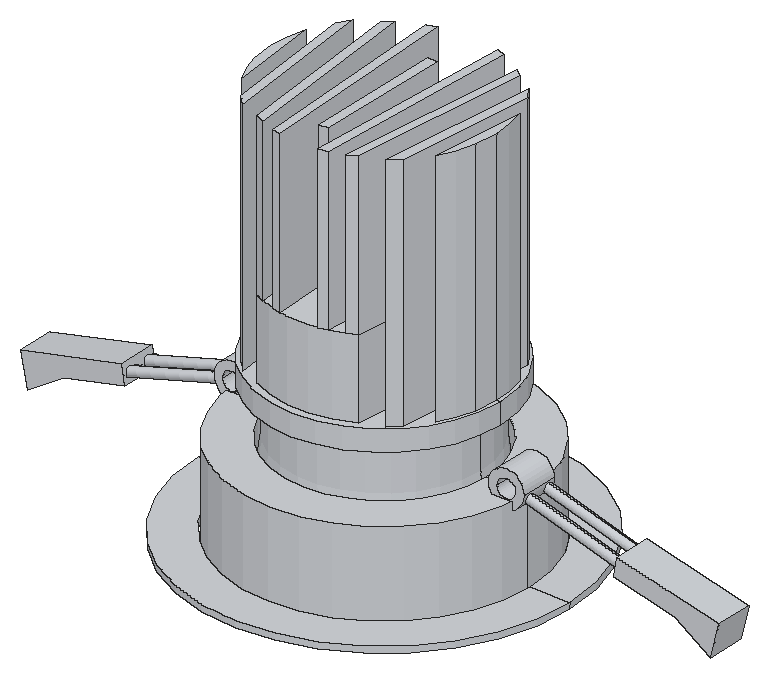
Revit family "Alcon-14119-R-ADJ-Revit-Family", category Lighting Fixtures, host Ceiling, Revit 2021
Family settings
  Host = Ceiling
  Round Connector Dimension = Use Diameter
  Part Type = Normal
  OmniClass Number = 23.80.70.11
  OmniClass Title = Luminaries for Internal Lighting
  Always vertical = Yes
  Cut with Voids When Loaded = No
  Light Source = Yes
  Shared = No
  Room Calculation Point = No
Parameters (values of type "Type 1")
  Wattage = 9.2903 W
  built-in parameter 1150110 = 1 (stored number, unit not read)
  built-in parameter 1114217 = 1 (stored number, unit not read)
  Tilt Angle = 60.00°
  built-in parameter 1150109 = 1 (stored number, unit not read)
  built-in parameter 1150134 = (empty or 0)
  built-in parameter 1150113 = 1 (stored number, unit not read)
  built-in parameter 1010507 = 1.5708 (stored number, unit not read)
  built-in parameter 1010506 = 0.5236 (stored number, unit not read)
  Product Identity = "Alcon Lighting 14119-R-ADJ"
  Metal = none
  Manufacturer = "Alcon Light"
  Lumens = 1380 lm
  built-in parameter 1150115 = 1 (stored number, unit not read)
  built-in parameter 1150105 = 4614.1 (stored number, unit not read)
  Link To Product Page = "https://www.alconlighting.com/14119-r-adj.html"
  LightSource = none
  Light Source Symbol Length = 10' - 0"
  built-in parameter 1150137 = (empty or 0)
  built-in parameter 1150139 = (empty or 0)
  Lens = none
  built-in parameter 1150112 = 1 (stored number, unit not read)
  built-in parameter 1150114 = 1 (stored number, unit not read)
  built-in parameter 1150132 = 2
  built-in parameter 1150102 = (empty or 0)
  built-in parameter 1150138 = (empty or 0)
  built-in parameter 1150107 = 3000 (stored number, unit not read)
  built-in parameter 1150106 = 46.141 (stored number, unit not read)
  Housing = none
  built-in parameter 1150104 = 13.8 (stored number, unit not read)
  Dimming Lamp Color Temperature Shift = <None>
  Default Elevation = 0' - 0"
  Color Filter = 16777215
  built-in parameter 1114218 = 1 (stored number, unit not read)
  built-in parameter 1150133 = 10 (stored number, unit not read)
Reference planes (in)
  plane 1 "Light Source Axis (F/B)": y = 0
  plane 2: z = 0
  plane 3 "Light Source Axis (L/R)": x = 0
  plane 4 "Ceiling": z = 157.73031
  plane 5 "Light Source Elevation": z = 157.10531
Forms (in)
  Extrusion 1, void
    sketch origin (0, 0, 157.73031) x (0, 1, 0) y (-1, 0, 0)
      loop
        circle (0, 0) r 1.675
    from -0.44379 to 0.09897
  Revolve 2, solid, material <- "LightSource"
    sketch origin (0, 0, -6.15688) x (1, 0, 0) y (0, 0, 1)
      loop
        line (0, 165.09791) -> (0, 165.21021) -> (-0.29753, 165.21021) -> (-0.29753, 165.09791) -> (0, 165.09791)
      axis (0, 165.09791) -> (0, 165.21021)
    angle from 0 to 360
  Revolve 3, solid, material <- "Housing"
    sketch origin (-40.7589, 0, 309.32064) x (0.965926, 0, 0.258819) y (-0.258819, 0, 0.965926)
      loop
        line (-1.49677, -156.59464) -> (-1.15007, -156.68754) -> (-1.13561, -156.63357) -> (-1.48231, -156.54067) -> (-1.49677, -156.59464)
      loop
        line (-0.92156, -155.91447) -> (-1.13013, -156.69288) -> (-0.69274, -156.49915) -> (-0.5619, -156.01084) -> (-0.92156, -155.91447)
      axis (0.32973, -156.24975) -> (0.12115, -157.02816)
    angle from 0 to 360
  Revolve 4, solid, material <- "Lens"
    sketch origin (0, 0, -4.52585) x (1, 0, 0) y (0, 0, 1)
      loop
        line (0, 162.9184) -> (-0.8419, 162.9184) -> (-0.8419, 162.50063)
        arc (-0.8419, 162.50063) -> (-0.57892, 162.73286) -> (-0.25, 162.85494) r 0.95881
        line (-0.25, 162.85494) -> (0, 162.85494) -> (0, 162.9184)
      axis (0, 162.50063) -> (0, 162.9184)
    angle from 0 to 360
  Revolve 5, solid, material <- "Housing"
    sketch origin (-40.7589, 0, 6.38445) x (0.965926, 0, -0.258819) y (0.258819, 0, 0.965926)
      loop
        line (-0.75602, 156.73528) -> (-0.6776, 156.75629) -> (-0.78573, 157.15983) -> (-0.5692, 157.21785) -> (-0.58761, 157.28656) -> (-0.45472, 157.32217) -> (-0.41988, 157.19216) -> (-0.31979, 157.21898) -> (-0.37558, 157.42718) -> (-0.60856, 157.36475) -> (-0.71116, 157.74764) -> (-0.95236, 157.68301)
        arc (-0.95236, 157.68301) -> (-0.84213, 157.26193) -> (-0.78163, 156.83089) r 3.73506
        line (-0.78163, 156.83089) -> (-0.75602, 156.73528)
      axis (0.13561, 156.97419) -> (-0.11447, 157.90752)
    angle from 0 to 360
  Extrusion 6, solid, material <- "Housing"
    sketch origin (0, 0, 163.14541) x (0, 1, 0) y (1, 0, 0)
      loop
        line (0.54725, -0.04227) -> (0.54725, 0.04227) -> (-0.6794, 0.04227) -> (-0.6794, -0.04227) -> (0.54725, -0.04227)
      loop
        arc (0.90894, -0.35207) -> (0.92388, -0.31078) -> (0.93694, -0.26885) r 0.97475
        line (0.93694, -0.26885) -> (-0.95991, -0.16944)
        arc (-0.95991, -0.16944) -> (-0.9513, -0.2125) -> (-0.94076, -0.25513) r 0.97475
        line (-0.94076, -0.25513) -> (0.90894, -0.35207)
      loop
        arc (0.74434, -0.62938) -> (0.77537, -0.59072) -> (0.80448, -0.5506) r 1.0159
        line (0.80448, -0.5506) -> (-0.90125, -0.37132)
        arc (-0.90125, -0.37132) -> (-0.88122, -0.41663) -> (-0.85891, -0.46087) r 0.97475
        line (-0.85891, -0.46087) -> (0.74434, -0.62938)
      loop
        line (0.90894, 0.35207) -> (-0.94076, 0.25513)
        arc (-0.94076, 0.25513) -> (-0.9513, 0.2125) -> (-0.95991, 0.16944) r 0.97475
        line (-0.95991, 0.16944) -> (0.93694, 0.26885)
        arc (0.93694, 0.26885) -> (0.92388, 0.31078) -> (0.90894, 0.35207) r 0.97475
      loop
        line (0.74432, 0.62938) -> (-0.85891, 0.46087)
        arc (-0.85891, 0.46087) -> (-0.88122, 0.41663) -> (-0.90125, 0.37132) r 0.97475
        line (-0.90125, 0.37132) -> (0.80435, 0.55059)
        arc (0.80435, 0.55059) -> (0.77534, 0.59075) -> (0.74432, 0.62938) r 0.97475
    from 1.86382 to 3.3047
  Revolve 7, solid, material <- "Housing"
    sketch origin (-40.7589, 0, 6.38445) x (0.965926, 0, -0.258819) y (0.258819, 0, 0.965926)
      loop
        line (-0.40186, 157.83052) -> (-0.45086, 158.0134) -> (-1.17531, 157.81928) -> (-1.12631, 157.6364) -> (-0.40186, 157.83052)
      axis (-0.11447, 157.90752) -> (-0.16347, 158.0904)
    angle from 0 to 360
  Extrusion 8, solid, material <- "Housing"
    sketch origin (0, 0, 163.14541) x (0, 1, 0) y (1, 0, 0)
      loop
        arc (0.53357, -0.86451) -> (0.58706, -0.82911) -> (0.63822, -0.79041) r 1.0159
        line (0.63822, -0.79041) -> (-0.78861, -0.64044)
        arc (-0.78861, -0.64044) -> (-0.74661, -0.68893) -> (-0.70165, -0.73468) r 1.0159
        line (-0.70165, -0.73468) -> (0.53357, -0.86451)
      loop
        arc (0, -1.0159) -> (0.16178, -1.00294) -> (0.31943, -0.96438) r 1.0159
        line (0.31943, -0.96438) -> (-0.51295, -0.87689)
        arc (-0.51295, -0.87689) -> (-0.36677, -0.94739) -> (-0.21122, -0.9937) r 1.0159
        line (-0.21122, -0.9937) -> (0, -1.0159)
      loop
        line (0.53357, 0.86451) -> (-0.70165, 0.73468)
        arc (-0.70165, 0.73468) -> (-0.74661, 0.68893) -> (-0.78861, 0.64044) r 1.0159
        line (-0.78861, 0.64044) -> (0.63822, 0.79041)
        arc (0.63822, 0.79041) -> (0.58706, 0.82911) -> (0.53357, 0.86451) r 1.0159
      loop
        line (0, 1.0159) -> (-0.21122, 0.9937)
        arc (-0.21122, 0.9937) -> (-0.36677, 0.94739) -> (-0.51295, 0.87689) r 1.0159
        line (-0.51295, 0.87689) -> (0.31943, 0.96438)
        arc (0.31943, 0.96438) -> (0.16178, 1.00294) -> (0, 1.0159) r 1.0159
    from 1.86382 to 4.01505
  Extrusion 9, solid, material <- "Housing"
    sketch origin (0, 0, 157.97477) x (0, 1, 0) y (-1, 0, 0)
      loop
        arc (0.74432, -0.62938) -> (0.97475, 0) -> (0.74432, 0.62938) r 0.97475
        line (0.74432, 0.62938) -> (-0.85891, 0.46087)
        arc (-0.85891, 0.46087) -> (-0.97475, 0) -> (-0.85891, -0.46087) r 0.97475
        line (-0.85891, -0.46087) -> (0.74432, -0.62938)
    from 1.15558 to 1.86593
  Extrusion 10, solid, material <- "Metal"
    sketch origin (-0.13524, 0, -0.69573) x (1, 0, 0) y (0, 0, 1)
      loop
        circle (-1.10049, 159.26129) r 0.16048
      loop
        circle (-1.10049, 159.26129) r 0.08524
    from -0.16797 to 0.16797
  Extrusion 11, solid, material <- "Metal"
    sketch origin (-133.92107, 0, 70.44897) x (0.54711, 0, -0.837061) y (0.837061, 0, 0.54711)
      loop
        line (-1.38024, 158.26216) -> (-1.5356, 158.3346) -> (-1.85823, 157.44818) -> (-1.57381, 157.34466) -> (-1.57381, 157.73031) -> (-1.38024, 158.26216)
    from -0.16797 to 0.16797
  Extrusion 12, solid, material <- "Metal"
    sketch origin (-2.20142, 0, 158.221) x (-0.278479, 0, 0.960442) y (0, -1, 0)
      loop
        circle (0.05869, -0.09783) r 0.04098
      loop
        circle (0.05869, 0.10564) r 0.04098
    from -0.03586 to 0.91861
  Extrusion 13, solid, material <- "Metal"
    sketch origin (0.13524, 0, -0.69573) x (-1, 0, 0) y (0, 0, -1)
      loop
        circle (-1.10049, -159.26129) r 0.16048
      loop
        circle (-1.10049, -159.26129) r 0.08524
    from -0.16797 to 0.16797
  Extrusion 14, solid, material <- "Metal"
    sketch origin (133.92107, 0, 70.44897) x (-0.54711, 0, -0.837061) y (0.837061, 0, -0.54711)
      loop
        line (-1.38024, -158.26216) -> (-1.57381, -157.73031) -> (-1.57381, -157.34466) -> (-1.85823, -157.44818) -> (-1.5356, -158.3346) -> (-1.38024, -158.26216)
    from -0.16797 to 0.16797
  Extrusion 15, solid, material <- "Metal"
    sketch origin (2.20142, 0, 158.221) x (0.278479, 0, 0.960442) y (0, 1, 0)
      loop
        circle (0.05869, 0.09783) r 0.04098
      loop
        circle (0.05869, -0.10564) r 0.04098
    from -0.03586 to 0.91861
Dimensions and locks (in)
  equal spacing: host sketch curve, plane 3 "Light Source Axis (L/R)", host sketch curve
  equal spacing: host sketch curve, plane 1 "Light Source Axis (F/B)", host sketch curve
  host sketch curve to host sketch curve = 13' - 1.48031"  (x2)
  host ceiling to plane 4 "Ceiling" = 0' - 0"
  aligned and locked: plane 1 "Light Source Axis (F/B)" to imposter light
